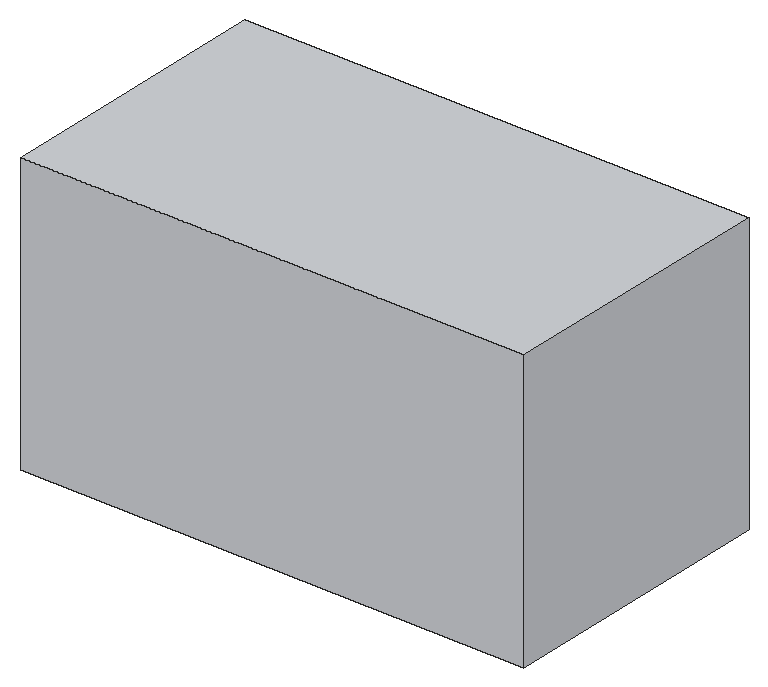
Revit family "0d1963b866274e66a9e3d76a86612499", category Conduit Fittings, Revit 2021
Family settings
  Round Connector Dimension = Use Radius
  Part Type = Multi Port
  OmniClass Number = 23.80.30.17.11
  OmniClass Title = Conduits
  Work Plane-Based = No
  Always vertical = Yes
  Cut with Voids When Loaded = No
  Shared = No
Parameters (values of type "Single Gang")
  Width [instance] = if(not(Nominal Diameter > 0' 0 3/4"), Outside Width, 6 * Nominal Diameter)  # 2 1/2"
  Outside Width = 2 1/2"
  Nominal Radius [instance] = 1/4"
  Nominal Diameter [instance] = Nominal Radius * 2  # 1/2"
  Length [instance] = if(not(Nominal Diameter > 0' 1"), 0' 4 1/2", 8 * Nominal Diameter)  # 4 1/2"
  Height [instance] = if(not(Nominal Diameter > 0' 1"), 0' 2 1/2", if(Nominal Diameter < 0' 6", 0' 6", Nominal Diameter * 1.2))  # 2 1/2"
  Default Elevation = 0' - 0"
Types (4): name | Width | Outside Width
  (no name) | 2 1/2" | 2 1/2"
  Single Gang | 2 1/2" | 2 1/2"
  Double Gang | 4 3/4" | 4 3/4"
  Triple Gang | 6 77/128" | 6 77/128"
Reference planes (in)
  plane 1 "Center (Front/Back)": y = 0
  plane 2: z = 0
  plane 3 "Center (Left/Right)": x = 0
  plane 4: y = 1.25
  plane 5: y = -1.25
  plane 6: x = 4.5
  plane 7: z = -1.25
  plane 8: z = 1.25
Forms (in)
  Extrusion 1, solid
    sketch origin (0, 0, 0) x (1, 0, 0) y (0, 1, 0)
      loop
        line (0, 1.25) -> (0, -1.25) -> (4.5, -1.25) -> (4.5, 1.25) -> (0, 1.25)
    from -1.25 to 1.25
Dimensions and locks (in)
  equal spacing: plane 4, plane 1 "Center (Front/Back)", plane 5
  "Width": plane 4 to plane 5
  equal spacing: plane 8, plane 2, plane 7
  locked: level to plane 2
  "Height": plane 8 to plane 7
  "Length": plane 3 "Center (Left/Right)" to plane 6
  aligned and locked: Extrusion 1 sketch curve to plane 4
  aligned and locked: plane 5 to Extrusion 1 sketch curve
  aligned and locked: Extrusion 1 sketch curve to plane 6
  aligned: Extrusion 1 to plane 2
  aligned and locked: Extrusion 1 to plane 7
  aligned and locked: plane 8 to Extrusion 1
  aligned and locked: Extrusion 1 to plane 3 "Center (Left/Right)"
Automatic sketch dimensions
  plane 3 "Center (Left/Right)" to Extrusion 1 sketch curve = 0' - 0"
Connectors (in)
  cabletrayconduit at (0, 0, 0), diameter 0.5, driven by "Nominal Radius"
    settings: on Extrusion 1, index 1, connector width 1' - 0", connector height 1' - 0", connector angle 0.00°, system type 32, placement type 0, profile type 0, connector reference index -1, is primary connector yes, connector utility param no, connector description ""
